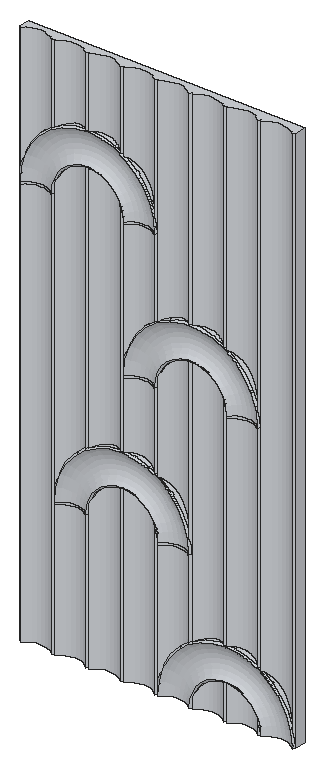
Revit family "OracDecor_W212", category Обобщенные модели, Revit 2019
Family settings
  Может служить основой для арматурных стержней = Нет
  Размер круглого соединителя = Использовать диаметр
  Тип детали = Нормальный
  На основе рабочей плоскости = Нет
  Всегда вертикально = Да
  При загрузке вырезать с полостями = Нет
  Общий = Нет
  Точка расчета площади = Нет
Parameters
  Изготовитель = "Family from POCHERTEAM"  # constant formula
  URL = "t.me/pocherteam"
Reference planes
  plane 1 "По центру (Вперед/Назад)": y = 0
  plane 2: z = 0
  plane 3 "По центру (Влево/Вправо)": x = 0
Forms (mm)
  Extrusion 1, solid
    sketch origin (0, 0, 0) x (1, 0, 0) y (0, 1, 0)
      loop
        line (0, 0) -> (0, -10.3) -> (1.5, -11.8)
        arc (1.5, -11.8) -> (15.625, -5.959) -> (29.75, -11.8) r 20
        line (29.75, -11.8) -> (31.25, -10.3) -> (32.75, -11.8)
        arc (32.75, -11.8) -> (46.875, -5.959) -> (61, -11.8) r 20
        line (61, -11.8) -> (62.5, -10.3) -> (64, -11.8)
        arc (64, -11.8) -> (78.125, -5.959) -> (92.25, -11.8) r 20
        line (92.25, -11.8) -> (93.75, -10.3) -> (95.25, -11.8)
        arc (95.25, -11.8) -> (109.375, -5.959) -> (123.5, -11.8) r 20
        line (123.5, -11.8) -> (125, -10.3) -> (126.5, -11.8)
        arc (126.5, -11.8) -> (140.625, -5.959) -> (154.75, -11.8) r 20
        line (154.75, -11.8) -> (156.25, -10.3) -> (157.75, -11.8)
        arc (157.75, -11.8) -> (171.875, -5.959) -> (186, -11.8) r 20
        line (186, -11.8) -> (187.5, -10.3) -> (189, -11.8)
        arc (189, -11.8) -> (203.125, -5.959) -> (217.25, -11.8) r 20
        line (217.25, -11.8) -> (218.75, -10.3) -> (220.25, -11.8)
        arc (220.25, -11.8) -> (234.375, -5.959) -> (248.5, -11.8) r 20
        line (248.5, -11.8) -> (250, -10.3) -> (250, 0) -> (0, 0)
    from 0 to 500
  Extrusion 2, void
    sketch origin (0, 0, 0) x (1, 0, 0) y (0, 0, 1)
      loop
        arc (250, 0) -> (187.5, 62.5) -> (125, 0) r 62.5
        line (125, 0) -> (156.25, 0)
        arc (156.25, 0) -> (187.5, 31.25) -> (218.75, 0) r 31.25
        line (218.75, 0) -> (250, 0)
      loop
        arc (156.25, 125) -> (93.75, 187.5) -> (31.25, 125) r 62.5
        line (31.25, 125) -> (31.25, 123) -> (62.5, 123) -> (62.5, 125)
        arc (62.5, 125) -> (93.75, 156.25) -> (125, 125) r 31.25
        line (125, 125) -> (125, 123) -> (156.25, 123) -> (156.25, 125)
      loop
        arc (218.75, 250) -> (156.25, 312.5) -> (93.75, 250) r 62.5
        line (93.75, 250) -> (93.75, 248) -> (125, 248) -> (125, 250)
        arc (125, 250) -> (156.25, 281.25) -> (187.5, 250) r 31.25
        line (187.5, 250) -> (187.5, 248) -> (218.75, 248) -> (218.75, 250)
      loop
        arc (125, 375) -> (62.5, 437.5) -> (0, 375) r 62.5
        line (0, 375) -> (0, 373) -> (31.25, 373) -> (31.25, 375)
        arc (31.25, 375) -> (62.5, 406.25) -> (93.75, 375) r 31.25
        line (93.75, 375) -> (93.75, 373) -> (125, 373) -> (125, 375)
    from 5.8 to 11.8
  Sweep 3, solid
    path origin (0, 0, 0) x (1, 0, 0) y (0, 0, 1)
      loop
        line (31.25, 373) -> (31.25, 375)
        arc (31.25, 375) -> (62.5, 406.25) -> (93.75, 375) r 31.25
        line (93.75, 375) -> (93.75, 373)
    profile origin (31.25, 0, 374) x (-1, 0, 0) y (0, -1, 0)
      loop
        line (0, 10.3) -> (0, 5.8) -> (31.25, 5.8) -> (31.25, 10.3) -> (29.75, 11.8)
        arc (29.75, 11.8) -> (15.625, 5.959) -> (1.5, 11.8) r 20
        line (1.5, 11.8) -> (0, 10.3)
  Sweep 4, solid
    path origin (0, 0, 0) x (1, 0, 0) y (0, 0, 1)
      loop
        line (125, 248) -> (125, 250)
        arc (125, 250) -> (156.25, 281.25) -> (187.5, 250) r 31.25
        line (187.5, 250) -> (187.5, 248)
    profile origin (125, 0, 249) x (-1, 0, 0) y (0, -1, 0)
      loop
        line (0, 10.3) -> (0, 5.8) -> (31.25, 5.8) -> (31.25, 10.3) -> (29.75, 11.8)
        arc (29.75, 11.8) -> (15.625, 5.959) -> (1.5, 11.8) r 20
        line (1.5, 11.8) -> (0, 10.3)
  Sweep 5, solid
    path origin (0, 0, 0) x (1, 0, 0) y (0, 0, 1)
      loop
        line (62.5, 123) -> (62.5, 125)
        arc (62.5, 125) -> (93.75, 156.25) -> (125, 125) r 31.25
        line (125, 125) -> (125, 123)
    profile origin (62.5, 0, 124) x (-1, 0, 0) y (0, -1, 0)
      loop
        line (0, 10.3) -> (0, 5.8) -> (31.25, 5.8) -> (31.25, 10.3) -> (29.75, 11.8)
        arc (29.75, 11.8) -> (15.625, 5.959) -> (1.5, 11.8) r 20
        line (1.5, 11.8) -> (0, 10.3)
  Sweep 6, solid
    path origin (0, 0, 0) x (1, 0, 0) y (0, 0, 1)
      loop
        line (218.75, -1) -> (218.75, 0)
        arc (218.75, 0) -> (187.5, 31.25) -> (156.25, 0) r 31.25
        line (156.25, 0) -> (156.25, -1)
    profile origin (156.25, 0, -0.5) x (0, -1, 0) y (1, 0, 0)
      loop
        line (10.3, 0) -> (5.8, 0) -> (5.8, -31.25) -> (10.3, -31.25) -> (11.8, -29.75)
        arc (11.8, -29.75) -> (5.959, -15.625) -> (11.8, -1.5) r 20
        line (11.8, -1.5) -> (10.3, 0)
  Extrusion 7, void
    sketch origin (0, 0, 0) x (1, 0, 0) y (0, 0, 1)
      loop
        line (0, 0) -> (0, -1) -> (250, -1) -> (250, 0) -> (0, 0)
    from 0 to 11.8
Cuts and joins
  Extrusion 2, Extrusion 7 cuts Extrusion 1
  Extrusion 7 cuts Sweep 3
  Extrusion 7 cuts Sweep 4
  Extrusion 7 cuts Sweep 5
  Extrusion 7 cuts Sweep 6
  joined: Extrusion 1, Sweep 3, Sweep 4, Sweep 5, Sweep 6
Dimensions and locks
  cut or joined group of Extrusion 1, Extrusion 2, Sweep 3, Sweep 4, Sweep 5, Sweep 6, Extrusion 7 to level = 500 mm
  aligned and locked: level to plane 2
